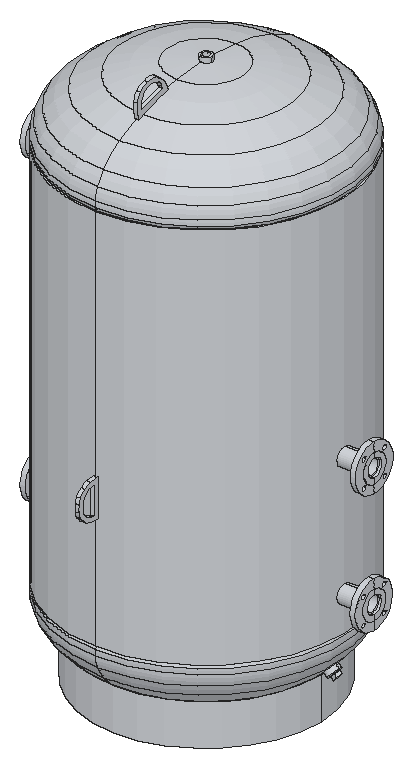
Revit family "HBT-300-22", category Generic Models, Revit 2014
Parameters (values of type "HBT-300-22")
  URL = "http://westank.com/"
  Tank Volume = 300.00 gal
  Part Number = 55643022
  Model = "HBT-300-22"
  Maximum Shipping Weight = 739 lbf
  G = 16"
  B = 2"
  A = 2"
  F = 32"
  E = 56"
  Description = "Wessels ASME 4-port primary-secondary Hot Water Buffer Tanks (HBT) are designed for use with today’s high efficiency systems that incorporate small modular low-mass boilers."
  D = 72"
  C = 36"
Reference planes (in)
  plane 1 "Center (Front/Back)": y = 0
  plane 2: z = 0
  plane 3 "Center (Left/Right)": x = 0
  plane 4: z = 0
  plane 5: x = -18
  plane 6: x = 18
  plane 7: z = 72
  plane 8: z = 56
  plane 9: z = 32
  plane 10: z = 16
Forms (in)
  Revolve 1, solid
    sketch origin (0, -0.02461, 0) x (0, 1, 0) y (0, 0, 1)
      loop
        line (-17.97559, 11.40987) -> (-17.77585, 11.40987)
        arc (-17.77585, 11.40987) -> (-17.77901, 11.38745) -> (-17.78675, 11.36617) r 0.10832
        line (-17.78675, 11.36617) -> (-17.97559, 10.97899)
        arc (-17.97559, 10.97899) -> (-17.97692, 10.6034) -> (-17.93634, 10.23002) r 3.36112
        arc (-17.93634, 10.23002) -> (-17.83534, 9.45516) -> (-17.56075, 8.72359) r 3.4127
        arc (-17.56075, 8.72359) -> (-17.14884, 7.91952) -> (-16.63227, 7.17835) r 6.68364
        arc (-16.63227, 7.17835) -> (-15.41449, 5.9118) -> (-13.99078, 4.88214) r 9.83519
        arc (-13.99078, 4.88214) -> (-12.33964, 3.99029) -> (-10.62031, 3.23825) r 22.63963
        arc (-10.62031, 3.23825) -> (-7.74153, 2.33452) -> (-4.76815, 1.82164) r 22.63963
        arc (-4.76815, 1.82164) -> (-2.37465, 1.61295) -> (0.02461, 1.4865) r 70.02787
        line (0.02461, 1.4865) -> (0.02461, 1.65848)
        arc (0.02461, 1.65848) -> (-2.3657, 1.78462) -> (-4.75028, 1.99258) r 69.85599
        arc (-4.75028, 1.99258) -> (-7.70109, 2.50157) -> (-10.55801, 3.39844) r 22.46775
        arc (-10.55801, 3.39844) -> (-12.26429, 4.14477) -> (-13.9029, 5.02985) r 22.46775
        arc (-13.9029, 5.02985) -> (-15.30173, 6.04151) -> (-16.49823, 7.28593) r 9.66331
        arc (-16.49823, 7.28593) -> (-17.00303, 8.01057) -> (-17.40515, 8.79685) r 6.51177
        arc (-17.40515, 8.79685) -> (-17.66943, 9.50016) -> (-17.76465, 10.24543) r 3.24083
        arc (-17.76465, 10.24543) -> (-17.80397, 10.58906) -> (-17.80585, 10.93493) r 3.18924
        line (-17.80585, 10.93493) -> (-17.63227, 11.29083)
        arc (-17.63227, 11.29083) -> (-17.60804, 11.35818) -> (-17.59889, 11.42917) r 0.33041
        line (-17.59889, 11.42917) -> (-17.80365, 11.42917) -> (-17.80365, 62.07314) -> (-17.59889, 62.07314)
        arc (-17.59889, 62.07314) -> (-17.60804, 62.14413) -> (-17.63227, 62.21149) r 0.33041
        line (-17.63227, 62.21149) -> (-17.80585, 62.56739)
        arc (-17.80585, 62.56739) -> (-17.80397, 62.91325) -> (-17.76465, 63.25688) r 3.18924
        arc (-17.76465, 63.25688) -> (-17.66943, 64.00215) -> (-17.40515, 64.70547) r 3.24083
        arc (-17.40515, 64.70547) -> (-17.00303, 65.49175) -> (-16.49823, 66.21639) r 6.51177
        arc (-16.49823, 66.21639) -> (-15.30173, 67.4608) -> (-13.9029, 68.47247) r 9.66331
        arc (-13.9029, 68.47247) -> (-12.26429, 69.35755) -> (-10.55801, 70.10388) r 22.46775
        arc (-10.55801, 70.10388) -> (-7.70109, 71.00074) -> (-4.75028, 71.50973) r 22.46775
        arc (-4.75028, 71.50973) -> (-2.3657, 71.71769) -> (0.02461, 71.84383) r 69.85599
        line (0.02461, 71.84383) -> (0.02461, 72.01582)
        arc (0.02461, 72.01582) -> (-2.37465, 71.88936) -> (-4.76815, 71.68068) r 70.02787
        arc (-4.76815, 71.68068) -> (-7.74153, 71.16779) -> (-10.62031, 70.26407) r 22.63963
        arc (-10.62031, 70.26407) -> (-12.33964, 69.51203) -> (-13.99078, 68.62018) r 22.63963
        arc (-13.99078, 68.62018) -> (-15.41449, 67.59052) -> (-16.63227, 66.32397) r 9.83519
        arc (-16.63227, 66.32397) -> (-17.14884, 65.58279) -> (-17.56075, 64.77872) r 6.68364
        arc (-17.56075, 64.77872) -> (-17.83534, 64.04715) -> (-17.93634, 63.2723) r 3.4127
        arc (-17.93634, 63.2723) -> (-17.97692, 62.89891) -> (-17.97559, 62.52332) r 3.36112
        line (-17.97559, 62.52332) -> (-17.78675, 62.13614)
        arc (-17.78675, 62.13614) -> (-17.77901, 62.11486) -> (-17.77585, 62.09244) r 0.10832
        line (-17.77585, 62.09244) -> (-17.97559, 62.09244) -> (-17.97559, 11.40987)
      axis (0.02461, 1.4865) -> (0.02461, 72.01582)
    angle from 0 to 360
  Revolve 2, solid
    sketch origin (1.3301, 0, 3.24654) x (0.990017, 0, -0.140951) y (0.140951, 0, 0.990017)
      loop
        line (14.71753, 6.11956) -> (14.66586, 6.1556) -> (14.25436, 5.56561) -> (14.86992, 5.13627) -> (15.24588, 5.6753) -> (15.19462, 5.71106) -> (15.31904, 5.88945) -> (14.80641, 6.24699) -> (14.71753, 6.11956)
      axis (14.25436, 5.56561) -> (14.86992, 5.13627)
    angle from 0 to 360
  Extrusion 3, solid
    sketch origin (16.3437, -180, 7.27869) x (0.681658, 0, 0.731671) y (0, -1, 0)
      loop
        line (-0.16036, -179.52645) -> (-0.95521, -179.68698) -> (-0.79485, -180.48095) -> (0, -180.32042) -> (-0.16036, -179.52645)
    from 1.02698 to 1.52678
  Extrusion 4, solid
    sketch origin (0, -6.04905, 4.9833) x (0, 1, 0) y (0, 0, 1)
      loop
        line (-11.93439, 21.33067) -> (-11.93439, 26.202)
        arc (-11.93439, 26.202) -> (-12.47846, 26.15164) -> (-13.01533, 26.05008) r 5.77422
        arc (-13.01533, 26.05008) -> (-13.49297, 25.89754) -> (-13.94252, 25.67548) r 3.35288
        arc (-13.94252, 25.67548) -> (-14.34081, 25.36666) -> (-14.64962, 24.96837) r 2.0073
        arc (-14.64962, 24.96837) -> (-14.80343, 24.58932) -> (-14.88788, 24.18906) r 2.30742
        arc (-14.88788, 24.18906) -> (-14.91277, 23.77188) -> (-14.88788, 23.3547) r 3.50846
        arc (-14.88788, 23.3547) -> (-14.79412, 22.92876) -> (-14.61961, 22.52904) r 2.24053
        arc (-14.61961, 22.52904) -> (-14.27401, 22.08806) -> (-13.80999, 21.77406) r 1.8078
        arc (-13.80999, 21.77406) -> (-13.34321, 21.55591) -> (-12.84107, 21.44044) r 2.44481
        arc (-12.84107, 21.44044) -> (-12.39043, 21.36326) -> (-11.93439, 21.33067) r 4.65484
      loop
        arc (-12.44611, 25.63929) -> (-12.67227, 25.60073) -> (-12.89654, 25.55235) r 5.2625
        arc (-12.89654, 25.55235) -> (-13.30128, 25.42308) -> (-13.68221, 25.23491) r 2.84116
        arc (-13.68221, 25.23491) -> (-13.97364, 25.01013) -> (-14.20134, 24.72098) r 1.49558
        arc (-14.20134, 24.72098) -> (-14.3163, 24.43235) -> (-14.37979, 24.12821) r 1.7957
        arc (-14.37979, 24.12821) -> (-14.40106, 23.77188) -> (-14.37979, 23.41555) r 2.99674
        arc (-14.37979, 23.41555) -> (-14.30745, 23.08689) -> (-14.17279, 22.77846) r 1.72881
        arc (-14.17279, 22.77846) -> (-13.91552, 22.45353) -> (-13.56884, 22.22643) r 1.29608
        arc (-13.56884, 22.22643) -> (-13.1779, 22.0402) -> (-12.75531, 21.94566) r 1.9331
        arc (-12.75531, 21.94566) -> (-12.60126, 21.91347) -> (-12.44611, 21.88716) r 4.14312
        line (-12.44611, 21.88716) -> (-12.44611, 25.63929)
    from -0.24366 to 0.25634
  Extrusion 5, solid
    sketch origin (0, -28.53332, 53.09576) x (0, 0.284015, -0.95882) y (0, 0.95882, 0.284015)
      loop
        arc (-11.9298, 25.67102) -> (-12.15596, 25.63246) -> (-12.38023, 25.58408) r 5.2625
        arc (-12.38023, 25.58408) -> (-12.78497, 25.45482) -> (-13.16591, 25.26664) r 2.84116
        arc (-13.16591, 25.26664) -> (-13.45733, 25.04186) -> (-13.68503, 24.75271) r 1.49558
        arc (-13.68503, 24.75271) -> (-13.8, 24.46408) -> (-13.86349, 24.15994) r 1.7957
        arc (-13.86349, 24.15994) -> (-13.88475, 23.80361) -> (-13.86349, 23.44728) r 2.99674
        arc (-13.86349, 23.44728) -> (-13.79114, 23.11862) -> (-13.65649, 22.81019) r 1.72881
        arc (-13.65649, 22.81019) -> (-13.39922, 22.48527) -> (-13.05253, 22.25816) r 1.29608
        arc (-13.05253, 22.25816) -> (-12.66159, 22.07193) -> (-12.239, 21.97739) r 1.9331
        arc (-12.239, 21.97739) -> (-12.08496, 21.94521) -> (-11.9298, 21.91889) r 4.14312
        line (-11.9298, 21.91889) -> (-11.9298, 25.67102)
      loop
        line (-11.25461, 21.34343) -> (-11.25461, 26.18965)
        arc (-11.25461, 26.18965) -> (-12.15974, 26.1622) -> (-13.02719, 25.90227) r 3.48194
        arc (-13.02719, 25.90227) -> (-13.54727, 25.6041) -> (-13.99851, 25.20943) r 3.03185
        arc (-13.99851, 25.20943) -> (-14.28248, 24.55653) -> (-14.39992, 23.8543) r 2.91879
        arc (-14.39992, 23.8543) -> (-14.3348, 23.1787) -> (-14.08611, 22.54717) r 2.44012
        arc (-14.08611, 22.54717) -> (-13.716, 22.08641) -> (-13.21844, 21.76749) r 1.83162
        arc (-13.21844, 21.76749) -> (-12.25729, 21.45928) -> (-11.25461, 21.34343) r 5.1769
    from -0.24366 to 0.25634
  Extrusion 6, solid
    sketch origin (0, 0, 0) x (1, 0, 0) y (0, 1, 0)
      loop
        circle (0, 0) r 0.75
      loop
        circle (0, 0) r 0.5
    from 71.36613 to 72.49354
  Extrusion 7, void
    sketch origin (0, 0, 0) x (1, 0, 0) y (0, 1, 0)
      loop
        circle (0, 0) r 0.5
    from 70.90268 to 73.75579
  Revolve 8, solid
    sketch origin (0, 0, 0) x (1, 0, 0) y (0, 0, 1)
      loop
        line (14.82824, 5.43485) -> (14.82824, 0) -> (15, 0) -> (15, 5.43485) -> (14.82824, 5.43485)
      axis (0, 5.43485) -> (0, 0)
    angle from 0 to 360
  Revolve 9, solid
    sketch origin (4.11882, 0, 43.28348) x (-1, 0, 0) y (0, 0, 1)
      loop
        line (24.99382, 11.53157) -> (24.99382, 10.96875) -> (25.24382, 10.96875) -> (25.24382, 9.71837) -> (25.93132, 9.71837) -> (25.93132, 10.90594) -> (25.99382, 10.90594) -> (25.99382, 11.53157) -> (24.99382, 11.53157)
      axis (25.99382, 12.71652) -> (24.99382, 12.71652)
    angle from 0 to 360
  Revolve 10, solid
    sketch origin (2.17131, 0, 43.5) x (1, 0, 0) y (0, 0, 1)
      loop
        line (-17.17131, 11.46847) -> (-23.67131, 11.46847) -> (-23.67131, 11.31445) -> (-17.17131, 11.31445) -> (-17.17131, 11.46847)
      axis (-23.67131, 12.5) -> (-17.17131, 12.5)
    angle from 0 to 360
  Extrusion 11, void
    sketch origin (-5.87592, 0, 43.00195) x (0, 1, 0) y (0, 0, -1)
      loop
        circle (1.68454, -14.67389) r 0.38273
      loop
        circle (-1.69766, -14.67389) r 0.37635
      loop
        circle (-1.66641, -11.31003) r 0.35289
      loop
        circle (1.70166, -11.31003) r 0.37084
    from 13.49462 to 18.49167
  Extrusion 12, void
    sketch origin (-3.90101, 0, 8) x (0, 1, 0) y (0, 0, 1)
      loop
        circle (0, 48) r 1.03153
    from -19.33473 to -7.9694
  Revolve 13, solid
    sketch origin (2.17131, 0, 3.5) x (1, 0, 0) y (0, 0, 1)
      loop
        line (-17.17131, 11.46847) -> (-23.67131, 11.46847) -> (-23.67131, 11.31445) -> (-17.17131, 11.31445) -> (-17.17131, 11.46847)
      axis (-23.67131, 12.5) -> (-17.17131, 12.5)
    angle from 0 to 360
  Extrusion 14, void
    sketch origin (-3.90101, 0, -32) x (0, 1, 0) y (0, 0, 1)
      loop
        circle (0, 48) r 1.03153
    from -19.33473 to -7.9694
  Revolve 15, solid
    sketch origin (-4.11882, 0, 3.28348) x (1, 0, 0) y (0, 0, 1)
      loop
        line (24.99382, 11.53157) -> (24.99382, 10.96875) -> (25.24382, 10.96875) -> (25.24382, 9.71837) -> (25.93132, 9.71837) -> (25.93132, 10.90594) -> (25.99382, 10.90594) -> (25.99382, 11.53157) -> (24.99382, 11.53157)
      axis (25.99382, 12.71652) -> (24.99382, 12.71652)
    angle from 0 to 360
  Revolve 16, solid
    sketch origin (-2.17131, 0, 3.5) x (-1, 0, 0) y (0, 0, -1)
      loop
        line (-17.17131, -11.46847) -> (-17.17131, -11.31445) -> (-23.67131, -11.31445) -> (-23.67131, -11.46847) -> (-17.17131, -11.46847)
      axis (-23.67131, -12.5) -> (-17.17131, -12.5)
    angle from 0 to 360
  Extrusion 17, void
    sketch origin (-5.87592, 0, 3.00195) x (0, 1, 0) y (0, 0, -1)
      loop
        circle (1.68454, -14.67389) r 0.38273
      loop
        circle (-1.69766, -14.67389) r 0.37635
      loop
        circle (-1.66641, -11.31003) r 0.35289
      loop
        circle (1.70166, -11.31003) r 0.37084
    from 13.49462 to 18.49167
  Extrusion 18, void
    sketch origin (5.87592, 0, 3.00195) x (0, 1, 0) y (0, 0, 1)
      loop
        circle (1.68454, 14.67389) r 0.38273
      loop
        circle (-1.69766, 14.67389) r 0.37635
      loop
        circle (-1.66641, 11.31003) r 0.35289
      loop
        circle (1.70166, 11.31003) r 0.37084
    from 13.49462 to 18.49167
  Revolve 19, solid
    sketch origin (-4.05645, 0, 19.28348) x (1, 0, 0) y (0, 0, 1)
      loop
        line (24.99382, 11.53157) -> (24.99382, 10.96875) -> (25.24382, 10.96875) -> (25.24382, 9.71837) -> (25.93132, 9.71837) -> (25.93132, 10.90594) -> (25.99382, 10.90594) -> (25.99382, 11.53157) -> (24.99382, 11.53157)
      axis (25.99382, 12.71652) -> (24.99382, 12.71652)
    angle from 0 to 360
  Revolve 20, solid
    sketch origin (-2.10894, 0, 19.5) x (-1, 0, 0) y (0, 0, -1)
      loop
        line (-17.17131, -11.46847) -> (-17.17131, -11.31445) -> (-23.67131, -11.31445) -> (-23.67131, -11.46847) -> (-17.17131, -11.46847)
      axis (-23.67131, -12.5) -> (-17.17131, -12.5)
    angle from 0 to 360
  Extrusion 21, void
    sketch origin (5.93829, 0, 19.00195) x (0, 1, 0) y (0, 0, 1)
      loop
        circle (1.68454, 14.67389) r 0.38273
      loop
        circle (-1.69766, 14.67389) r 0.37635
      loop
        circle (-1.66641, 11.31003) r 0.35289
      loop
        circle (1.70166, 11.31003) r 0.37084
    from 13.49462 to 18.49167
  Extrusion 22, void
    sketch origin (3.96338, 0, 8.24902) x (0, 1, 0) y (0, 0, 1)
      loop
        circle (0, 23.75098) r 1.03153
    from 10.06157 to 17.27456
  Revolve 23, solid
    sketch origin (4.11882, 0, 3.28348) x (-1, 0, 0) y (0, 0, -1)
      loop
        line (24.99382, -11.53157) -> (25.99382, -11.53157) -> (25.99382, -10.90594) -> (25.93132, -10.90594) -> (25.93132, -9.71837) -> (25.24382, -9.71837) -> (25.24382, -10.96875) -> (24.99382, -10.96875) -> (24.99382, -11.53157)
      axis (25.99382, -12.71652) -> (24.99382, -12.71652)
    angle from 0 to 360
Cuts and joins
  joined: Extrusion 3, Extrusion 4, Extrusion 5, Extrusion 6, Revolve 8
  Extrusion 7, Extrusion 11, Extrusion 12, Extrusion 14, Extrusion 17, Extrusion 18, Extrusion 21, Extrusion 22 cuts Revolve 1
  Extrusion 11 cuts Revolve 9
  Extrusion 12 cuts Revolve 10
  Extrusion 14 cuts Revolve 13
  Extrusion 17 cuts Revolve 23
  Extrusion 18 cuts Revolve 15
  Extrusion 21 cuts Revolve 19
  Extrusion 22 cuts Revolve 20
Dimensions and locks (in)
  "D": plane 7 to plane 4
  "G": plane 10 to plane 4
  "F": plane 9 to plane 4
  "E": plane 8 to plane 4
  "C": plane 6 to plane 5
  aligned and locked: plane 2 to level
Automatic sketch dimensions
  Revolve 1 sketch curve to Revolve 1 sketch curve = 0"  (x56)
  Revolve 1 sketch curve to plane 1 "Center (Front/Back)" = 0"  (x3)
  plane 1 "Center (Front/Back)" to Revolve 1 sketch curve = 2.43969"  (x2)
  Revolve 1 sketch curve to plane 10 = 2.66549"
  plane 1 "Center (Front/Back)" to Revolve 1 sketch curve = 8.98663"  (x2)
  plane 8 to Revolve 1 sketch curve = 4.16781"
  Revolve 1 sketch curve to Revolve 1 sketch curve = 2.45782"  (x2)
  Revolve 1 sketch curve to Revolve 1 sketch curve = 3.10417"  (x2)
  Revolve 1 sketch curve to Revolve 1 sketch curve = 0.0964"  (x2)
  Revolve 1 sketch curve to Revolve 1 sketch curve = 2.97849"  (x2)
  plane 8 to Revolve 1 sketch curve = 6.21149"
  Revolve 1 sketch curve to Revolve 1 sketch curve = 0.03338"  (x2)
  Revolve 1 sketch curve to plane 10 = 4.70917"
  Revolve 1 sketch curve to Revolve 1 sketch curve = 0.17696"  (x2)
  Revolve 1 sketch curve to plane 10 = 4.63383"
  Revolve 1 sketch curve to Revolve 1 sketch curve = 0.0109"  (x2)
  plane 8 to Revolve 1 sketch curve = 6.13614"
  Revolve 1 sketch curve to Revolve 1 sketch curve = 0.0278"
  plane 8 to Revolve 1 sketch curve = 6.56739"
  Revolve 1 sketch curve to Revolve 1 sketch curve = 0.17358"  (x2)
  Revolve 1 sketch curve to plane 10 = 5.06507"
  Revolve 1 sketch curve to Revolve 1 sketch curve = 0.08045"  (x2)
  Revolve 1 sketch curve to Revolve 1 sketch curve = 0.04514"  (x2)
  Revolve 1 sketch curve to Revolve 1 sketch curve = 0.04635"
  Revolve 1 sketch curve to plane 10 = 5.02101"
  Revolve 1 sketch curve to Revolve 1 sketch curve = 0.16974"  (x2)
  plane 8 to Revolve 1 sketch curve = 6.52332"
  Revolve 1 sketch curve to plane 7 = 0.52976"
  Revolve 1 sketch curve to plane 1 "Center (Front/Back)" = 2.48565"  (x2)
  Revolve 1 sketch curve to Revolve 1 sketch curve = 0.51151"
  Revolve 1 sketch curve to Revolve 1 sketch curve = 0.49854"  (x2)
  level to Revolve 1 sketch curve = 2.03208"
  level to Revolve 1 sketch curve = 1.65848"
  Revolve 1 sketch curve to Revolve 1 sketch curve = 0.17198"
  Revolve 1 sketch curve to Revolve 1 sketch curve = 1 249/256"  (x2)
  Revolve 1 sketch curve to Revolve 1 sketch curve = 0.0437"
  Revolve 1 sketch curve to Revolve 1 sketch curve = 0.0193"
  Revolve 1 sketch curve to plane 9 = 7.66135"
  Revolve 1 sketch curve to plane 8 = 6.83634"
  Revolve 1 sketch curve to Revolve 1 sketch curve = 0.0695"
  Revolve 1 sketch curve to Revolve 1 sketch curve = 0.02202"
  Revolve 1 sketch curve to Revolve 1 sketch curve = 0.64986"
  Revolve 1 sketch curve to plane 7 = 0.15617"
  plane 7 to Revolve 1 sketch curve = 0.01582"
  Revolve 1 sketch curve to plane 7 = 1.89612"
  level to Revolve 1 sketch curve = 3 51/128"
  Revolve 1 sketch curve to Revolve 1 sketch curve = 0.06229"  (x2)
  Revolve 1 sketch curve to Revolve 1 sketch curve = 0.90692"  (x2)
  Revolve 1 sketch curve to Revolve 1 sketch curve = 0.1556"  (x2)
  Revolve 1 sketch curve to plane 9 = 3.10692"
  plane 9 to Revolve 1 sketch curve = 0.64308"
  Revolve 2 sketch curve to plane 6 = 1.77337"
  level to Revolve 2 sketch curve = 6.74742"
  Revolve 2 sketch curve to Revolve 2 sketch curve = 0.4115"
  Revolve 2 sketch curve to Revolve 2 sketch curve = 0.05167"
  Revolve 2 sketch curve to Revolve 2 sketch curve = 0.08888"
  Revolve 2 sketch curve to Revolve 2 sketch curve = 0.61556"
  Revolve 2 sketch curve to Revolve 2 sketch curve = 0.47709"
  Revolve 2 sketch curve to Revolve 2 sketch curve = 0.05126"
  Revolve 2 sketch curve to Revolve 2 sketch curve = 0.42934"
  Revolve 2 sketch curve to Revolve 2 sketch curve = 0.12768"
  Revolve 2 sketch curve to Revolve 2 sketch curve = 0"  (x2)
  Revolve 2 sketch curve to Revolve 2 sketch curve = 0.08905"
  plane 1 "Center (Front/Back)" to Extrusion 3 sketch curve = 0.31302"
  Extrusion 3 sketch curve to plane 1 "Center (Front/Back)" = 0.48095"
  Extrusion 3 sketch curve to Extrusion 3 sketch curve = 0.16036"  (x2)
  plane 1 "Center (Front/Back)" to Extrusion 3 sketch curve = 0.47355"
  Extrusion 3 sketch curve to Extrusion 3 sketch curve = 0.79485"
  Extrusion 3 sketch curve to plane 1 "Center (Front/Back)" = 0.32042"
  Extrusion 4 sketch curve to Extrusion 4 sketch curve = 0"  (x24)
  Extrusion 4 sketch curve to plane 9 = 3.6065"
  plane 1 "Center (Front/Back)" to Extrusion 4 sketch curve = 19.09014"
  Extrusion 4 sketch curve to Extrusion 4 sketch curve = 0.11966"
  Extrusion 4 sketch curve to Extrusion 4 sketch curve = 0.25819"
  Extrusion 4 sketch curve to Extrusion 4 sketch curve = 17/256"
  Extrusion 4 sketch curve to Extrusion 4 sketch curve = 0.04958"
  Extrusion 4 sketch curve to Extrusion 4 sketch curve = 0.15073"
  Extrusion 4 sketch curve to Extrusion 4 sketch curve = 0.20915"
  Extrusion 4 sketch curve to Extrusion 4 sketch curve = 131/256"
  Extrusion 4 sketch curve to Extrusion 4 sketch curve = 0.10338"
  Extrusion 4 sketch curve to Extrusion 4 sketch curve = 0.25955"
  Extrusion 4 sketch curve to Extrusion 4 sketch curve = 1.14294"
  Extrusion 4 sketch curve to Extrusion 4 sketch curve = 0.62139"
  Extrusion 4 sketch curve to Extrusion 4 sketch curve = 0.90165"
  Extrusion 4 sketch curve to Extrusion 4 sketch curve = 0.55648"
  Extrusion 4 sketch curve to Extrusion 4 sketch curve = 0.89706"
  Extrusion 4 sketch curve to Extrusion 4 sketch curve = 27/128"
  Extrusion 4 sketch curve to Extrusion 4 sketch curve = 0.15076"
  Extrusion 4 sketch curve to Extrusion 4 sketch curve = 0.24641"
  Extrusion 4 sketch curve to Extrusion 4 sketch curve = 0.04716"
  Extrusion 4 sketch curve to Extrusion 4 sketch curve = 0.0326"
  Extrusion 4 sketch curve to plane 9 = 1.37741"
  Extrusion 4 sketch curve to Extrusion 4 sketch curve = 0.34507"
  Extrusion 4 sketch curve to Extrusion 4 sketch curve = 0.21764"
  Extrusion 4 sketch curve to Extrusion 4 sketch curve = 1.12273"
  Extrusion 4 sketch curve to Extrusion 4 sketch curve = 0.78568"
  Extrusion 4 sketch curve to Extrusion 4 sketch curve = 0.24115"
  Extrusion 4 sketch curve to Extrusion 4 sketch curve = 0.2603"
  Extrusion 4 sketch curve to Extrusion 4 sketch curve = 0.60395"
  Extrusion 4 sketch curve to Extrusion 4 sketch curve = 0.51913"
  Extrusion 4 sketch curve to Extrusion 4 sketch curve = 0.44682"
  Extrusion 4 sketch curve to Extrusion 4 sketch curve = 0.44829"
  Extrusion 6 sketch curve to Extrusion 6 sketch curve = 0"  (x2)
  plane 1 "Center (Front/Back)" to Extrusion 6 sketch curve = 0"
  Extrusion 6 sketch curve to plane 3 "Center (Left/Right)" = 0"
  Extrusion 7 sketch curve to Extrusion 7 sketch curve = 0"  (x2)
  plane 1 "Center (Front/Back)" to Extrusion 7 sketch curve = 0"
  Extrusion 7 sketch curve to plane 3 "Center (Left/Right)" = 0"
  Extrusion 7 sketch curve to plane 3 "Center (Left/Right)" = 1/2"
  Revolve 8 sketch curve to plane 3 "Center (Left/Right)" = 0"
  Revolve 8 sketch curve to level = 0"
  Revolve 8 sketch curve to plane 6 = 3.17176"
  Revolve 8 sketch curve to Revolve 8 sketch curve = 0.17176"
  level to Revolve 8 sketch curve = 5.43485"
  level to Revolve 8 sketch curve = 4.69941"
  Revolve 8 sketch curve to Revolve 8 sketch curve = 1"
  Extrusion 5 sketch curve to plane 7 = 0.23736"
  plane 1 "Center (Front/Back)" to Extrusion 5 sketch curve = 9.61397"
  Extrusion 5 sketch curve to Extrusion 5 sketch curve = 0.03301"
  Extrusion 5 sketch curve to Extrusion 5 sketch curve = 0.08665"
  Extrusion 5 sketch curve to Extrusion 5 sketch curve = 0.34483"
  Extrusion 5 sketch curve to Extrusion 5 sketch curve = 17/256"
  Extrusion 5 sketch curve to Extrusion 5 sketch curve = 0.04958"
  Extrusion 5 sketch curve to Extrusion 5 sketch curve = 0.06885"
  Extrusion 5 sketch curve to Extrusion 5 sketch curve = 0.15073"
  Extrusion 5 sketch curve to Extrusion 5 sketch curve = 0.36028"
  Extrusion 5 sketch curve to Extrusion 5 sketch curve = 0.06601"
  Extrusion 5 sketch curve to Extrusion 5 sketch curve = 0.11815"
  Extrusion 5 sketch curve to Extrusion 5 sketch curve = 0.47821"
  Extrusion 5 sketch curve to Extrusion 5 sketch curve = 0.6151"
  Extrusion 5 sketch curve to Extrusion 5 sketch curve = 0.0601"
  Extrusion 5 sketch curve to Extrusion 5 sketch curve = 0.09002"
  Extrusion 5 sketch curve to Extrusion 5 sketch curve = 0.09607"
  Extrusion 5 sketch curve to Extrusion 5 sketch curve = 0.59588"
  Extrusion 5 sketch curve to Extrusion 5 sketch curve = 0.3061"
  Extrusion 5 sketch curve to Extrusion 5 sketch curve = 0.31529"
  Extrusion 5 sketch curve to Extrusion 5 sketch curve = 0.0954"
  Extrusion 5 sketch curve to Extrusion 5 sketch curve = 0.80625"
  Extrusion 5 sketch curve to Extrusion 5 sketch curve = 0.57547"
  Extrusion 5 sketch curve to Extrusion 5 sketch curve = 0.87808"
  Extrusion 5 sketch curve to Extrusion 5 sketch curve = 0.00686"
  Extrusion 5 sketch curve to Extrusion 5 sketch curve = 0.20406"
  Extrusion 5 sketch curve to Extrusion 5 sketch curve = 0.59172"
  Extrusion 5 sketch curve to Extrusion 5 sketch curve = 0.09548"
  Extrusion 5 sketch curve to Extrusion 5 sketch curve = 0.07607"
  Extrusion 5 sketch curve to Extrusion 5 sketch curve = 0.15093"
  Extrusion 5 sketch curve to Extrusion 5 sketch curve = 0.04716"
  Extrusion 5 sketch curve to Extrusion 5 sketch curve = 0.0326"
  Extrusion 5 sketch curve to Extrusion 5 sketch curve = 1.7246"
  Extrusion 5 sketch curve to Extrusion 5 sketch curve = 0.34507"
  Extrusion 5 sketch curve to Extrusion 5 sketch curve = 0.17356"
  Extrusion 5 sketch curve to Extrusion 5 sketch curve = 0.32989"
  Extrusion 5 sketch curve to Extrusion 5 sketch curve = 0"  (x6)
  Extrusion 5 sketch curve to Extrusion 5 sketch curve = 0.1659"
  Extrusion 5 sketch curve to Extrusion 5 sketch curve = 0.13872"
  Extrusion 5 sketch curve to Extrusion 5 sketch curve = 0.42962"
  Extrusion 5 sketch curve to Extrusion 5 sketch curve = 0.51913"
  Extrusion 5 sketch curve to Extrusion 5 sketch curve = 0.31348"
  plane 5 to Revolve 9 sketch curve = 2 7/8"
  plane 5 to Revolve 9 sketch curve = 3 1/8"
  plane 8 to Revolve 9 sketch curve = 1.81058"
  Revolve 9 sketch curve to Revolve 9 sketch curve = 11/16"
  Revolve 9 sketch curve to Revolve 9 sketch curve = 1/16"
  plane 8 to Revolve 9 sketch curve = 2.99815"
  plane 8 to Revolve 9 sketch curve = 1.74777"
  Revolve 9 sketch curve to Revolve 9 sketch curve = 0.62563"
  Revolve 9 sketch curve to plane 8 = 0"
  Revolve 9 sketch curve to Revolve 9 sketch curve = 5 7/8"
  plane 3 "Center (Left/Right)" to Revolve 9 sketch curve = 7 3/4"
  Revolve 10 sketch curve to plane 5 = 3 1/2"
  Revolve 10 sketch curve to plane 8 = 1.03153"
  plane 5 to Revolve 10 sketch curve = 3"
  Revolve 10 sketch curve to Revolve 10 sketch curve = 0.15401"
  Revolve 10 sketch curve to Revolve 10 sketch curve = 1/4"
  Revolve 10 sketch curve to Revolve 10 sketch curve = 3/4"
  Revolve 10 sketch curve to Revolve 10 sketch curve = 1.03153"
  plane 1 "Center (Front/Back)" to Extrusion 11 sketch curve = 1.69766"
  Extrusion 11 sketch curve to plane 8 = 1.68801"  (x2)
  plane 1 "Center (Front/Back)" to Extrusion 11 sketch curve = 1.66641"
  Extrusion 11 sketch curve to plane 1 "Center (Front/Back)" = 1.68454"
  Extrusion 11 sketch curve to plane 1 "Center (Front/Back)" = 1.70166"
  Extrusion 11 sketch curve to Extrusion 11 sketch curve = 3.36385"  (x2)
  Extrusion 12 sketch curve to Extrusion 12 sketch curve = 0"  (x2)
  Extrusion 12 sketch curve to plane 1 "Center (Front/Back)" = 0"
  plane 8 to Extrusion 12 sketch curve = 0"
  Extrusion 12 sketch curve to plane 8 = 1.03153"
  Revolve 13 sketch curve to plane 5 = 3 1/2"
  plane 5 to Revolve 13 sketch curve = 3"
  Revolve 13 sketch curve to plane 10 = 1.18555"
  Revolve 13 sketch curve to Revolve 13 sketch curve = 0.15401"
  Revolve 13 sketch curve to Revolve 13 sketch curve = 1/4"
  Revolve 13 sketch curve to Revolve 13 sketch curve = 3/4"
  Revolve 13 sketch curve to Revolve 13 sketch curve = 1.03153"
  Extrusion 14 sketch curve to Extrusion 14 sketch curve = 0"  (x2)
  Extrusion 14 sketch curve to plane 1 "Center (Front/Back)" = 0"
  Extrusion 14 sketch curve to plane 10 = 0"
  Extrusion 14 sketch curve to Extrusion 14 sketch curve = 1.03153"
  plane 6 to Revolve 15 sketch curve = 2 7/8"
  plane 6 to Revolve 15 sketch curve = 3 1/8"
  Revolve 15 sketch curve to Revolve 15 sketch curve = 11/16"
  Revolve 15 sketch curve to Revolve 15 sketch curve = 1/16"
  Revolve 15 sketch curve to plane 10 = 2.99815"
  Revolve 15 sketch curve to Revolve 15 sketch curve = 1.18757"
  Revolve 15 sketch curve to Revolve 15 sketch curve = 0.06281"
  Revolve 15 sketch curve to Revolve 15 sketch curve = 0.62563"
  Revolve 15 sketch curve to plane 10 = 0"
  Revolve 15 sketch curve to Revolve 15 sketch curve = 5 7/8"
  plane 3 "Center (Left/Right)" to Revolve 15 sketch curve = 7 3/4"
  plane 6 to Revolve 16 sketch curve = 3 1/2"
  Revolve 16 sketch curve to plane 6 = 3"
  Revolve 16 sketch curve to plane 10 = 1.03153"
  Revolve 16 sketch curve to Revolve 16 sketch curve = 0.15401"
  Revolve 16 sketch curve to Revolve 16 sketch curve = 1/4"
  Revolve 16 sketch curve to Revolve 16 sketch curve = 3/4"
  Revolve 16 sketch curve to Revolve 16 sketch curve = 1.03153"
  plane 10 to Extrusion 17 sketch curve = 1.67584"  (x2)
  plane 1 "Center (Front/Back)" to Extrusion 17 sketch curve = 1.69766"
  plane 1 "Center (Front/Back)" to Extrusion 17 sketch curve = 1.66641"
  Extrusion 17 sketch curve to plane 1 "Center (Front/Back)" = 1.68454"
  Extrusion 17 sketch curve to plane 1 "Center (Front/Back)" = 1.70166"
  Extrusion 17 sketch curve to Extrusion 17 sketch curve = 3.36385"  (x2)
  plane 10 to Extrusion 18 sketch curve = 1.67584"  (x2)
  plane 1 "Center (Front/Back)" to Extrusion 18 sketch curve = 1.69766"
  plane 1 "Center (Front/Back)" to Extrusion 18 sketch curve = 1.66641"
  Extrusion 18 sketch curve to plane 1 "Center (Front/Back)" = 1.68454"
  Extrusion 18 sketch curve to plane 1 "Center (Front/Back)" = 1.70166"
  Extrusion 18 sketch curve to Extrusion 18 sketch curve = 3.36385"  (x2)
  plane 6 to Revolve 19 sketch curve = 2.93736"
  plane 6 to Revolve 19 sketch curve = 3.18736"
  Revolve 19 sketch curve to Revolve 19 sketch curve = 11/16"
  Revolve 19 sketch curve to Revolve 19 sketch curve = 1/16"
  Revolve 19 sketch curve to plane 9 = 2.99815"
  Revolve 19 sketch curve to Revolve 19 sketch curve = 1.18757"
  Revolve 19 sketch curve to Revolve 19 sketch curve = 0.06281"
  Revolve 19 sketch curve to Revolve 19 sketch curve = 0.62563"
  Revolve 19 sketch curve to plane 6 = 2.93763"
  plane 3 "Center (Left/Right)" to Revolve 19 sketch curve = 7.81237"
  Revolve 19 sketch curve to plane 9 = 0"
  plane 6 to Revolve 20 sketch curve = 3.56237"
  Revolve 20 sketch curve to plane 6 = 2.93763"
  Revolve 20 sketch curve to plane 9 = 1.03153"
  Revolve 20 sketch curve to Revolve 20 sketch curve = 0.15401"
  Revolve 20 sketch curve to Revolve 20 sketch curve = 1/4"
  Revolve 20 sketch curve to Revolve 20 sketch curve = 3/4"
  Revolve 20 sketch curve to Revolve 20 sketch curve = 1.03153"
  plane 1 "Center (Front/Back)" to Extrusion 21 sketch curve = 1.69766"
  plane 1 "Center (Front/Back)" to Extrusion 21 sketch curve = 1.66641"
  Extrusion 21 sketch curve to plane 1 "Center (Front/Back)" = 1.68454"
  Extrusion 21 sketch curve to plane 1 "Center (Front/Back)" = 1.70166"
  Extrusion 21 sketch curve to plane 9 = 1.68801"
  Extrusion 21 sketch curve to Extrusion 21 sketch curve = 0"
  plane 9 to Extrusion 21 sketch curve = 1.67584"  (x2)
  Extrusion 22 sketch curve to Extrusion 22 sketch curve = 0"  (x2)
  Extrusion 22 sketch curve to plane 1 "Center (Front/Back)" = 0"
  Extrusion 22 sketch curve to plane 9 = 0"
  Extrusion 22 sketch curve to Extrusion 22 sketch curve = 1.03153"
  plane 5 to Revolve 23 sketch curve = 2 7/8"
  plane 5 to Revolve 23 sketch curve = 3 1/8"
  Revolve 23 sketch curve to Revolve 23 sketch curve = 11/16"
  Revolve 23 sketch curve to Revolve 23 sketch curve = 1/16"
  plane 10 to Revolve 23 sketch curve = 2.99815"
  Revolve 23 sketch curve to Revolve 23 sketch curve = 1.18757"
  Revolve 23 sketch curve to Revolve 23 sketch curve = 0.06281"
  Revolve 23 sketch curve to Revolve 23 sketch curve = 0.62563"
  plane 10 to Revolve 23 sketch curve = 0"
  Revolve 23 sketch curve to Revolve 23 sketch curve = 5 7/8"
  plane 3 "Center (Left/Right)" to Revolve 23 sketch curve = 7 3/4"
  radius of Extrusion 6 sketch curve = 3/4"
  radius of Extrusion 6 sketch curve = 1/2"
  radius of Extrusion 11 sketch curve = 0.38273"
  radius of Extrusion 11 sketch curve = 0.37635"
  radius of Extrusion 11 sketch curve = 0.35289"
  radius of Extrusion 11 sketch curve = 0.37084"
  radius of Extrusion 17 sketch curve = 0.38273"
  radius of Extrusion 17 sketch curve = 0.37635"
  radius of Extrusion 17 sketch curve = 0.35289"
  radius of Extrusion 17 sketch curve = 0.37084"
  radius of Extrusion 18 sketch curve = 0.38273"
  radius of Extrusion 18 sketch curve = 0.37635"
  radius of Extrusion 18 sketch curve = 0.35289"
  radius of Extrusion 18 sketch curve = 0.37084"
  radius of Extrusion 21 sketch curve = 0.38273"
  radius of Extrusion 21 sketch curve = 0.37635"
  radius of Extrusion 21 sketch curve = 0.35289"
  radius of Extrusion 21 sketch curve = 0.37084"
Connectors (in)
  piping at (-21.875, 0, 56), diameter 2, driven by "B"
    settings: on Revolve 9, index 16, connector inside diameter 24", connector length 0", flow factor 0, pipe flow 0 GPM, pressure drop 0.00 psi, fitting loss kfactor 0, connector angle 0°, fixture units 0, engagement length 0", angle of deflection 0°, flow configuration 0, flow direction 0, fitting loss method 0, system type 7, joint type 0, gender type 0, connector reference index -1, connector utility 0, adjustable connector no, is connector primary yes, connector description ""
  piping at (21.93737, 0, 32), diameter 2, driven by "A"
    settings: on Revolve 19, index 17, connector inside diameter 24", connector length 0", flow factor 0, pipe flow 0 GPM, pressure drop 0.00 psi, fitting loss kfactor 0, connector angle 0°, fixture units 0, engagement length 0", angle of deflection 0°, flow configuration 0, flow direction 0, fitting loss method 0, system type 7, joint type 0, gender type 0, connector reference index -1, connector utility 0, adjustable connector no, is connector primary no, connector description ""
  piping at (21.875, 0, 16), diameter 2, driven by "A"
    settings: on Revolve 15, index 18, connector inside diameter 24", connector length 0", flow factor 0, pipe flow 0 GPM, pressure drop 0.00 psi, fitting loss kfactor 0, connector angle 0°, fixture units 0, engagement length 0", angle of deflection 0°, flow configuration 0, flow direction 0, fitting loss method 0, system type 7, joint type 0, gender type 0, connector reference index -1, connector utility 0, adjustable connector no, is connector primary no, connector description ""
  piping at (-21.875, 0, 56), diameter 2, driven by "B"
    settings: on Revolve 9, index 19, connector inside diameter 24", connector length 0", flow factor 0, pipe flow 0 GPM, pressure drop 0.00 psi, fitting loss kfactor 0, connector angle 0°, fixture units 0, engagement length 0", angle of deflection 0°, flow configuration 0, flow direction 0, fitting loss method 0, system type 7, joint type 0, gender type 0, connector reference index -1, connector utility 0, adjustable connector no, is connector primary no, connector description ""
  piping at (-21.875, 0, 16), diameter 2, driven by "B"
    settings: on Revolve 23, index 20, connector inside diameter 24", connector length 0", flow factor 0, pipe flow 0 GPM, pressure drop 0.00 psi, fitting loss kfactor 0, connector angle 0°, fixture units 0, engagement length 0", angle of deflection 0°, flow configuration 0, flow direction 0, fitting loss method 0, system type 7, joint type 0, gender type 0, connector reference index -1, connector utility 0, adjustable connector no, is connector primary no, connector description ""
